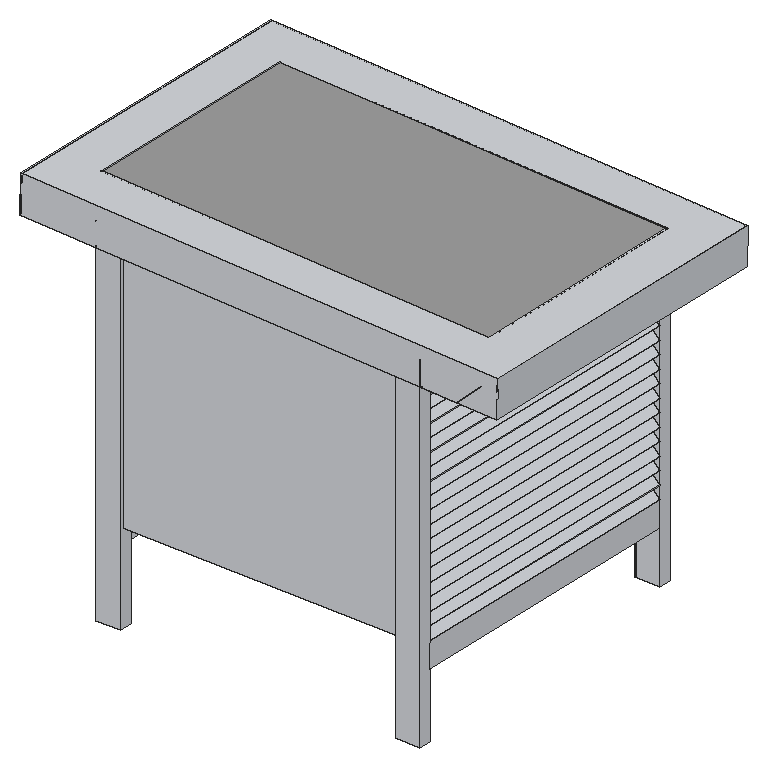
Revit family "SEQ_A3-Roof-vent-gatehouse", category Specialty Equipment, Revit 2016
Family settings
  Part Type = Normal
  Round Connector Dimension = Use Diameter
  Work Plane-Based = No
  Always vertical = Yes
  Cut with Voids When Loaded = No
  Shared = No
  Room Calculation Point = No
Parameters (values of type "Roof Vent")
  Keynote = "Q002"
  Assembly Code = ""
Reference planes
  plane 1 "Center (Front/Back)": y = -117
  plane 2: z = 0
  plane 3 "Center (Left/Right)": x = 0
  plane 4 "T/O roof light": z = 1700
  plane 5: z = -600
Forms (mm)
  Extrusion 1, void
    sketch origin (-583.317, -2632.914, 1192.876) x (-0.052336, 0, -0.99863) y (0.99863, 0, -0.052336)
      loop
        line (-57.524, -365.194) -> (136.516, -355.025) -> (126.346, -160.986) -> (-57.524, -365.194)
      loop
        line (106.505, -61.193) -> (103.103, 3.718) -> (-21.725, -2.824) -> (-18.324, -67.735) -> (106.505, -61.193)
      loop
        line (76.056, 1238.995) -> (-58.759, 1231.93) -> (-56.142, 1181.998) -> (78.673, 1189.064) -> (76.056, 1238.995)
      loop
        line (131.847, 1322.408) -> (119.411, 1559.704) -> (-105.087, 1547.938) -> (131.847, 1322.408)
    from -5756.745 to 250
  Extrusion 2, solid
    sketch origin (-587.835, -1064.457, -524.506) x (0, 1, 0) y (-0.034899, 0, -0.999391)
      loop
        line (1522.457, -1726.063) -> (1572.457, -1726.063) -> (1572.457, -1721.063) -> (1549.957, -1721.063) -> (1549.957, -1631.063) -> (1572.457, -1631.063) -> (1572.457, -1626.063) -> (1522.457, -1626.063) -> (1522.457, -1631.063) -> (1544.957, -1631.063) -> (1544.957, -1721.063) -> (1522.457, -1721.063) -> (1522.457, -1726.063)
    from 111.266 to 403.698
  Extrusion 3, solid
    sketch origin (640, -2684, 7.861) x (-1, 0, 0) y (0, 0, -1)
      loop
        line (1290, -1196.919) -> (1290, -1046.919) -> (1240, -1046.919) -> (1240, -1066.919) -> (1242, -1066.919) -> (1242, -1048.919) -> (1288, -1048.919) -> (1288, -1194.919) -> (1242, -1194.919) -> (1242, -1176.919) -> (1240, -1176.919) -> (1240, -1196.919) -> (1290, -1196.919)
      loop
        line (-10, -1151.419) -> (40, -1151.419) -> (40, -1131.419) -> (38, -1131.419) -> (38, -1149.419) -> (-8, -1149.419) -> (-8, -1053.419) -> (38, -1053.419) -> (38, -1071.419) -> (40, -1071.419) -> (40, -1051.419) -> (-10, -1051.419) -> (-10, -1151.419)
    from -3142 to -1992
  Extrusion 4, solid, material "Default 2"
    sketch origin (640, -2684, 7.861) x (-1, 0, 0) y (0, 0, -1)
      loop
        line (1588.645, -1207.348) -> (-317.968, -1140.768) -> (-319.644, -1188.739) -> (1586.97, -1255.319) -> (1588.645, -1207.348)
    from -3192 to -1942
  Extrusion 5, solid
    sketch origin (-600, -1137.713, 0) x (0, 1, 0) y (0, 0, -1)
      loop
        line (1633.713, -1114.618) -> (1635.713, -1114.618) -> (1635.713, -125) -> (1633.713, -125) -> (1633.713, -1114.618)
      loop
        line (407.713, -1121.363) -> (407.713, -125) -> (405.713, -125) -> (405.713, -1121.363) -> (407.713, -1121.363)
    from -1150 to -50
  Extrusion 6, solid
    sketch origin (-1099.128, 544, 0) x (1, 0, 0) y (0, 0, -1)
      loop
        line (1702.713, -179) -> (1704.713, -179) -> (1704.713, -170.828) -> (1749.128, -126.414) -> (1747.713, -125) -> (1702.713, -170) -> (1702.713, -179)
      loop
        line (1702.713, -231) -> (1704.713, -231) -> (1704.713, -222.828) -> (1749.128, -178.414) -> (1747.713, -177) -> (1702.713, -222) -> (1702.713, -231)
      loop
        line (1702.713, -283) -> (1704.713, -283) -> (1704.713, -274.828) -> (1749.128, -230.414) -> (1747.713, -229) -> (1702.713, -274) -> (1702.713, -283)
      loop
        line (1702.713, -335) -> (1704.713, -335) -> (1704.713, -326.828) -> (1749.128, -282.414) -> (1747.713, -281) -> (1702.713, -326) -> (1702.713, -335)
      loop
        line (1702.713, -387) -> (1704.713, -387) -> (1704.713, -378.828) -> (1749.128, -334.414) -> (1747.713, -333) -> (1702.713, -378) -> (1702.713, -387)
      loop
        line (1702.713, -439) -> (1704.713, -439) -> (1704.713, -430.828) -> (1749.128, -386.414) -> (1747.713, -385) -> (1702.713, -430) -> (1702.713, -439)
      loop
        line (1702.713, -491) -> (1704.713, -491) -> (1704.713, -482.828) -> (1749.128, -438.414) -> (1747.713, -437) -> (1702.713, -482) -> (1702.713, -491)
      loop
        line (1702.713, -543) -> (1704.713, -543) -> (1704.713, -534.828) -> (1749.128, -490.414) -> (1747.713, -489) -> (1702.713, -534) -> (1702.713, -543)
      loop
        line (1702.713, -595) -> (1704.713, -595) -> (1704.713, -586.828) -> (1749.128, -542.414) -> (1747.713, -541) -> (1702.713, -586) -> (1702.713, -595)
      loop
        line (1702.713, -647) -> (1704.713, -647) -> (1704.713, -638.828) -> (1749.128, -594.414) -> (1747.713, -593) -> (1702.713, -638) -> (1702.713, -647)
      loop
        line (1702.713, -699) -> (1704.713, -699) -> (1704.713, -690.828) -> (1749.128, -646.414) -> (1747.713, -645) -> (1702.713, -690) -> (1702.713, -699)
      loop
        line (1702.713, -751) -> (1704.713, -751) -> (1704.713, -742.828) -> (1749.128, -698.414) -> (1747.713, -697) -> (1702.713, -742) -> (1702.713, -751)
      loop
        line (1702.713, -803) -> (1704.713, -803) -> (1704.713, -794.828) -> (1749.128, -750.414) -> (1747.713, -749) -> (1702.713, -794) -> (1702.713, -803)
      loop
        line (1702.713, -855) -> (1704.713, -855) -> (1704.713, -846.828) -> (1749.128, -802.414) -> (1747.713, -801) -> (1702.713, -846) -> (1702.713, -855)
      loop
        line (1702.713, -907) -> (1704.713, -907) -> (1704.713, -898.828) -> (1749.128, -854.414) -> (1747.713, -853) -> (1702.713, -898) -> (1702.713, -907)
      loop
        line (1702.713, -959) -> (1704.713, -959) -> (1704.713, -950.828) -> (1749.128, -906.414) -> (1747.713, -905) -> (1702.713, -950) -> (1702.713, -959)
      loop
        line (1702.713, -1011) -> (1704.713, -1011) -> (1704.713, -1002.828) -> (1749.128, -958.414) -> (1747.713, -957) -> (1702.713, -1002) -> (1702.713, -1011)
      loop
        line (1702.713, -1063) -> (1704.713, -1063) -> (1704.713, -1054.828) -> (1749.128, -1010.414) -> (1747.713, -1009) -> (1702.713, -1054) -> (1702.713, -1063)
    from -1236 to -86
  Sweep 7, solid
    path origin (-5.376, 0, 1232.299) x (0.999391, 0, -0.034899) y (0, 1, 0)
      loop
        line (967.602, 510) -> (-944.177, 510) -> (-944.177, -744) -> (967.602, -744) -> (967.602, 510)
    profile origin (6.329, 510, 1231.89) x (0, -1, 0) y (0.034899, 0, 0.999391)
      loop
        line (180, 0) -> (0, 0) -> (0, -150) -> (38, -150) -> (38, -148) -> (2, -148) -> (2, -2) -> (178, -2) -> (178, -20) -> (180, -20) -> (180, 0)
  Sweep 8, solid
    path origin (700, 422, 1648) x (1, 0, 0) y (0, 0, -1)
      loop
        line (-1300, 1833) -> (-1300, 495) -> (-100, 537) -> (-100, 1833)
    profile origin (600, 422, 463) x (0, 1, 0) y (-1, 0, 0)
      loop
        line (86, 50) -> (36, 50) -> (36, -50) -> (86, -50) -> (86, 50)
      loop
        line (83, 47) -> (39, 47) -> (39, -47) -> (83, -47) -> (83, 47)
  Sweep 9, solid
    path origin (700, -656, 1648) x (1, 0, 0) y (0, 0, 1)
      loop
        line (-1300, -1885) -> (-1300, -495) -> (-100, -537) -> (-100, -1885)
    profile origin (600, -656, 437) x (0, -1, 0) y (1, 0, 0)
      loop
        line (86, -50) -> (86, 50) -> (36, 50) -> (36, -50) -> (86, -50)
      loop
        line (39, 47) -> (39, -47) -> (83, -47) -> (83, 47) -> (39, 47)
  Extrusion 10, solid
    sketch origin (1099.128, 544, 0) x (-1, 0, 0) y (0, 0, 1)
      loop
        line (1702.713, 179) -> (1702.713, 170) -> (1747.713, 125) -> (1749.128, 126.414) -> (1704.713, 170.828) -> (1704.713, 179) -> (1702.713, 179)
      loop
        line (1702.713, 231) -> (1702.713, 222) -> (1747.713, 177) -> (1749.128, 178.414) -> (1704.713, 222.828) -> (1704.713, 231) -> (1702.713, 231)
      loop
        line (1702.713, 283) -> (1702.713, 274) -> (1747.713, 229) -> (1749.128, 230.414) -> (1704.713, 274.828) -> (1704.713, 283) -> (1702.713, 283)
      loop
        line (1702.713, 335) -> (1702.713, 326) -> (1747.713, 281) -> (1749.128, 282.414) -> (1704.713, 326.828) -> (1704.713, 335) -> (1702.713, 335)
      loop
        line (1702.713, 387) -> (1702.713, 378) -> (1747.713, 333) -> (1749.128, 334.414) -> (1704.713, 378.828) -> (1704.713, 387) -> (1702.713, 387)
      loop
        line (1702.713, 439) -> (1702.713, 430) -> (1747.713, 385) -> (1749.128, 386.414) -> (1704.713, 430.828) -> (1704.713, 439) -> (1702.713, 439)
      loop
        line (1702.713, 491) -> (1702.713, 482) -> (1747.713, 437) -> (1749.128, 438.414) -> (1704.713, 482.828) -> (1704.713, 491) -> (1702.713, 491)
      loop
        line (1702.713, 543) -> (1702.713, 534) -> (1747.713, 489) -> (1749.128, 490.414) -> (1704.713, 534.828) -> (1704.713, 543) -> (1702.713, 543)
      loop
        line (1702.713, 595) -> (1702.713, 586) -> (1747.713, 541) -> (1749.128, 542.414) -> (1704.713, 586.828) -> (1704.713, 595) -> (1702.713, 595)
      loop
        line (1702.713, 647) -> (1702.713, 638) -> (1747.713, 593) -> (1749.128, 594.414) -> (1704.713, 638.828) -> (1704.713, 647) -> (1702.713, 647)
      loop
        line (1702.713, 699) -> (1702.713, 690) -> (1747.713, 645) -> (1749.128, 646.414) -> (1704.713, 690.828) -> (1704.713, 699) -> (1702.713, 699)
      loop
        line (1702.713, 751) -> (1702.713, 742) -> (1747.713, 697) -> (1749.128, 698.414) -> (1704.713, 742.828) -> (1704.713, 751) -> (1702.713, 751)
      loop
        line (1702.713, 803) -> (1702.713, 794) -> (1747.713, 749) -> (1749.128, 750.414) -> (1704.713, 794.828) -> (1704.713, 803) -> (1702.713, 803)
      loop
        line (1702.713, 855) -> (1702.713, 846) -> (1747.713, 801) -> (1749.128, 802.414) -> (1704.713, 846.828) -> (1704.713, 855) -> (1702.713, 855)
      loop
        line (1702.713, 907) -> (1702.713, 898) -> (1747.713, 853) -> (1749.128, 854.414) -> (1704.713, 898.828) -> (1704.713, 907) -> (1702.713, 907)
      loop
        line (1702.713, 959) -> (1702.713, 950) -> (1747.713, 905) -> (1749.128, 906.414) -> (1704.713, 950.828) -> (1704.713, 959) -> (1702.713, 959)
      loop
        line (1702.713, 1011) -> (1702.713, 1002) -> (1747.713, 957) -> (1749.128, 958.414) -> (1704.713, 1002.828) -> (1704.713, 1011) -> (1702.713, 1011)
      loop
        line (1702.713, 1063) -> (1702.713, 1054) -> (1747.713, 1009) -> (1749.128, 1010.414) -> (1704.713, 1054.828) -> (1704.713, 1063) -> (1702.713, 1063)
    from -1236 to -86
  Extrusion 11, solid
    sketch origin (478.899, -1064.457, -561.899) x (0, 1, 0) y (0.034899, 0, 0.999391)
      loop
        line (1522.457, 1726.063) -> (1522.457, 1721.063) -> (1544.957, 1721.063) -> (1544.957, 1631.063) -> (1522.457, 1631.063) -> (1522.457, 1626.063) -> (1572.457, 1626.063) -> (1572.457, 1631.063) -> (1549.957, 1631.063) -> (1549.957, 1721.063) -> (1572.457, 1721.063) -> (1572.457, 1726.063) -> (1522.457, 1726.063)
    from 111.266 to 403.698
  Extrusion 12, solid
    sketch origin (-587.835, -2264.457, -524.506) x (0, 1, 0) y (-0.034899, 0, -0.999391)
      loop
        line (1522.457, -1726.063) -> (1572.457, -1726.063) -> (1572.457, -1721.063) -> (1549.957, -1721.063) -> (1549.957, -1631.063) -> (1572.457, -1631.063) -> (1572.457, -1626.063) -> (1522.457, -1626.063) -> (1522.457, -1631.063) -> (1544.957, -1631.063) -> (1544.957, -1721.063) -> (1522.457, -1721.063) -> (1522.457, -1726.063)
    from 111.266 to 403.698
  Extrusion 13, solid
    sketch origin (478.899, -2264.457, -561.899) x (0, 1, 0) y (0.034899, 0, 0.999391)
      loop
        line (1522.457, 1726.063) -> (1522.457, 1721.063) -> (1544.957, 1721.063) -> (1544.957, 1631.063) -> (1522.457, 1631.063) -> (1522.457, 1626.063) -> (1572.457, 1626.063) -> (1572.457, 1631.063) -> (1549.957, 1631.063) -> (1549.957, 1721.063) -> (1572.457, 1721.063) -> (1572.457, 1726.063) -> (1522.457, 1726.063)
    from 111.266 to 403.698
  Extrusion 14, solid
    sketch origin (-650, -692, -237) x (0, 0, 1) y (1, 0, 0)
      loop
        line (362, 1300) -> (262, 1300) -> (262, 1250) -> (282, 1250) -> (282, 1252) -> (264, 1252) -> (264, 1298) -> (360, 1298) -> (360, 1252) -> (342, 1252) -> (342, 1250) -> (362, 1250) -> (362, 1300)
    from 0 to 1150
  Extrusion 15, solid
    sketch origin (650, -692, -237) x (0, 0, 1) y (1, 0, 0)
      loop
        line (362, -1300) -> (362, -1250) -> (342, -1250) -> (342, -1252) -> (360, -1252) -> (360, -1298) -> (264, -1298) -> (264, -1252) -> (282, -1252) -> (282, -1250) -> (262, -1250) -> (262, -1300) -> (362, -1300)
    from 0 to 1150
Cuts and joins
  Extrusion 1 cuts Extrusion 2
  Extrusion 1 cuts Extrusion 11
  Extrusion 1 cuts Extrusion 13
  Extrusion 1 cuts Extrusion 12
Dimensions and locks
  Sweep 8 to Sweep 8 = 1389.781 mm  (x2)
  Extrusion 1 sketch curve to Sweep 9 = 295 mm
